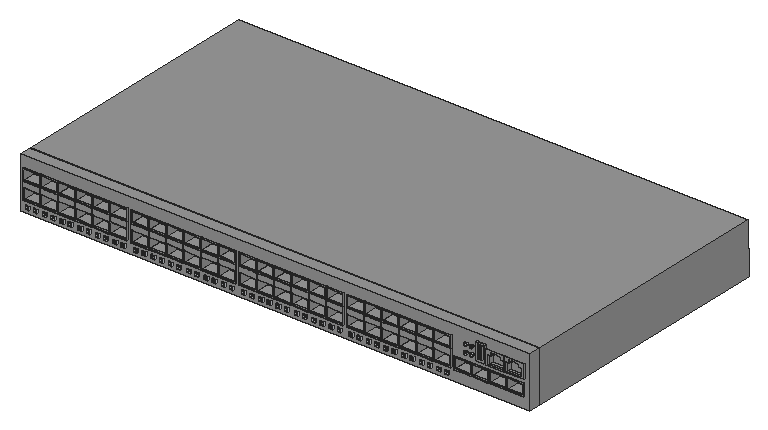
Revit family "19 Zoll Switch MS400991M", category Datengeräte, Revit 2023 (continued)
Forms (mm)
  Extrusion 161, void
    sketch origin (315.758, 265.556, -250.74) x (1, 0, 0) y (0, 0, 1)
      loop
        line (-107.793, 261.07) -> (-94.206, 261.07) -> (-94.206, 269.986) -> (-107.793, 269.986) -> (-107.793, 261.07)
    from 140.025 to 160.434
  Extrusion 162, solid
    sketch origin (0, 265.556, -232.367) x (1, 0, 0) y (0, 0, 1)
      loop
        circle (177.189, 258.54) r 1.399
      loop
        circle (177.189, 258.54) r 0.999
    from 147.46 to 151.896
  Extrusion 163, solid
    sketch origin (0, 265.556, -225.853) x (1, 0, 0) y (0, 0, 1)
      loop
        circle (177.189, 258.54) r 1.399
      loop
        circle (177.189, 258.54) r 0.999
    from 147.46 to 151.896
  Extrusion 164, solid
    sketch origin (-5, 265.556, -232.367) x (1, 0, 0) y (0, 0, 1)
      loop
        circle (177.189, 258.54) r 1.399
      loop
        circle (177.189, 258.54) r 0.999
    from 147.46 to 151.896
  Extrusion 165, solid
    sketch origin (-5, 265.556, -225.853) x (1, 0, 0) y (0, 0, 1)
      loop
        circle (177.189, 258.54) r 1.399
      loop
        circle (177.189, 258.54) r 0.999
    from 147.46 to 151.896
Cuts and joins
  Extrusion 4, Extrusion 7, Extrusion 9, Extrusion 11, Extrusion 15, Extrusion 17, Extrusion 19, Extrusion 21, Extrusion 23, Extrusion 25, Extrusion 27, Extrusion 29, Extrusion 31, Extrusion 33, Extrusion 35, Extrusion 47, Extrusion 49, Extrusion 53, Extrusion 55, Extrusion 57, Extrusion 59, Extrusion 61, Extrusion 63, Extrusion 65, Extrusion 67, Extrusion 69, Extrusion 71, Extrusion 83, Extrusion 85, Extrusion 89, Extrusion 91, Extrusion 93, Extrusion 95, Extrusion 97, Extrusion 99, Extrusion 101, Extrusion 103, Extrusion 105, Extrusion 107, Extrusion 119, Extrusion 121, Extrusion 125, Extrusion 127, Extrusion 129, Extrusion 131, Extrusion 133, Extrusion 135, Extrusion 137, Extrusion 139, Extrusion 141, Extrusion 143, Extrusion 155, Extrusion 157, Extrusion 159, Extrusion 161 cuts Extrusion 1
  Extrusion 9, Extrusion 11, Extrusion 17, Extrusion 19, Extrusion 21, Extrusion 23, Extrusion 25, Extrusion 27, Extrusion 29, Extrusion 31, Extrusion 33, Extrusion 35, Extrusion 47, Extrusion 49, Extrusion 53, Extrusion 55, Extrusion 57, Extrusion 59, Extrusion 61, Extrusion 63, Extrusion 65, Extrusion 67, Extrusion 69, Extrusion 71, Extrusion 83, Extrusion 85, Extrusion 89, Extrusion 91, Extrusion 93, Extrusion 95, Extrusion 97, Extrusion 99, Extrusion 101, Extrusion 103, Extrusion 105, Extrusion 107, Extrusion 119, Extrusion 121, Extrusion 125, Extrusion 127, Extrusion 129, Extrusion 131, Extrusion 133, Extrusion 135, Extrusion 137, Extrusion 139, Extrusion 141, Extrusion 143, Extrusion 155, Extrusion 157, Extrusion 159, Extrusion 161 cuts Extrusion 5
Dimensions and locks
  aligned and locked: cut or joined group of Extrusion 1, Extrusion 4, Extrusion 7, Extrusion 9, Extrusion 11, Extrusion 15, Extrusion 17, Extrusion 19, Extrusion 21, Extrusion 23, Extrusion 25, Extrusion 27, Extrusion 29, Extrusion 31, Extrusion 33, Extrusion 35, Extrusion 47, Extrusion 49, Extrusion 53, Extrusion 55, Extrusion 57, Extrusion 59, Extrusion 61, Extrusion 63, Extrusion 65, Extrusion 67, Extrusion 69, Extrusion 71, Extrusion 83, Extrusion 85, Extrusion 89, Extrusion 91, Extrusion 93, Extrusion 95, Extrusion 97, Extrusion 99, Extrusion 101, Extrusion 103, Extrusion 105, Extrusion 107, Extrusion 119, Extrusion 121, Extrusion 125, Extrusion 127, Extrusion 129, Extrusion 131, Extrusion 133, Extrusion 135, Extrusion 137, Extrusion 139, Extrusion 141, Extrusion 143, Extrusion 155, Extrusion 157, Extrusion 159, Extrusion 161 to Extrusion 5 sketch curve
  aligned and locked: Extrusion 1 to cut or joined group of Extrusion 5, Extrusion 9, Extrusion 11, Extrusion 17, Extrusion 19, Extrusion 21, Extrusion 23, Extrusion 25, Extrusion 27, Extrusion 29, Extrusion 31, Extrusion 33, Extrusion 35, Extrusion 47, Extrusion 49, Extrusion 53, Extrusion 55, Extrusion 57, Extrusion 59, Extrusion 61, Extrusion 63, Extrusion 65, Extrusion 67, Extrusion 69, Extrusion 71, Extrusion 83, Extrusion 85, Extrusion 89, Extrusion 91, Extrusion 93, Extrusion 95, Extrusion 97, Extrusion 99, Extrusion 101, Extrusion 103, Extrusion 105, Extrusion 107, Extrusion 119, Extrusion 121, Extrusion 125, Extrusion 127, Extrusion 129, Extrusion 131, Extrusion 133, Extrusion 135, Extrusion 137, Extrusion 139, Extrusion 141, Extrusion 143, Extrusion 155, Extrusion 157, Extrusion 159, Extrusion 161
